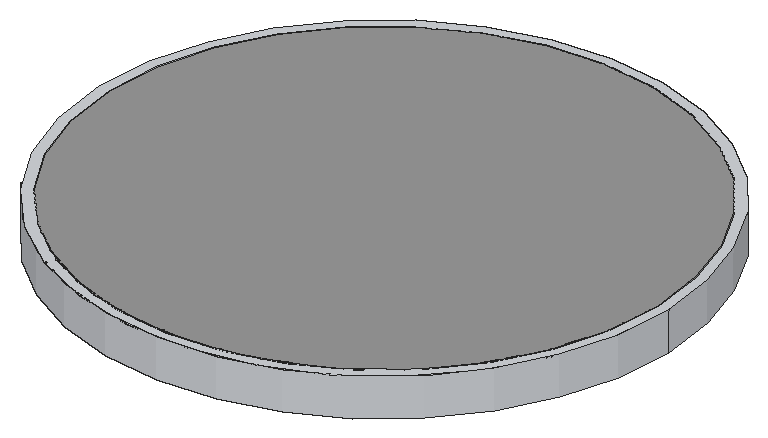
Revit family "2071274", category Lighting Fixtures, host Face, Revit 2018
Family settings
  Host = Face
  Round Connector Dimension = Use Diameter
  Part Type = Normal
  OmniClass Number = 23.80.70.00
  OmniClass Title = Lighting
  Cut with Voids When Loaded = No
  Light Source = Yes
  Shared = No
  Room Calculation Point = No
Parameters (values of type "2071274 COLOSSAL 900 940 OP DIR+H WHT DALI EM")
  iner diameter = 856 mm
  Weight = "n/a"
  Wattage Comments = ""
  Wattage = 30 W
  WarrantyStartDate [instance] = "n/a"
  WarrantyGuarantorParts = "n/a"
  WarrantyDurationUnit = "n/a"
  WarrantyDurationParts = ""
  WarrantyDescription = "http://www.sylvania-lighting.com"
  built-in parameter 1150110 = 1 (stored number, unit not read)
  Voltage = 230 V
  URL = "0.95"
  TypeName = "COLOSSAL 900mm 940 OPAL DIR+HAL WHITE DALI EM"
  Type Image = <None>
  Type Comments = "n/a"
  built-in parameter 1114217 = 1 (stored number, unit not read)
  Tilt Angle = -90.00°
  built-in parameter 1150109 = 1 (stored number, unit not read)
  built-in parameter 1150134 = (empty or 0)
  built-in parameter 1150113 = 1 (stored number, unit not read)
  SerialNumber [instance] = "n/a"
  Photometric Web File = "2071274.ies"
  Material_3_SYL = LED-Sylvania
  PowerFactor = 0
  PowerConsumption = "Lighting"
  NominalLength = 888 mm
  NominalHeight = 93 mm
  NominalDepth = 888 mm
  Name = "COLOSSAL 900mm 940 OPAL DIR+HAL WHITE DALI EM"
  ModelReference = Name  # "COLOSSAL 900mm 940 OPAL DIR+HAL WHITE DALI EM"
  ModelNumber = "2071274"
  Model = Name  # "COLOSSAL 900mm 940 OPAL DIR+HAL WHITE DALI EM"
  Material = "Feilo Sylvania"
  ManufacturerName = "120 lm/W"
  Manufacturer = ""
  LuminousEfficacy = ""
  built-in parameter 1150105 = 270.44 (stored number, unit not read)
  Lumens = 3398.4 lm
  LuminaireType = "0"
  built-in parameter 1150115 = 1 (stored number, unit not read)
  LightOutputRatio = "LED"
  built-in parameter 1150137 = (empty or 0)
  built-in parameter 1150139 = (empty or 0)
  LampsType = Lamp  # "n/a"
  LampNominalLuminous = "4000 K"
  LampMacAdamStep = "90"
  LampColourTemperature = "LED"
  LampColourRenderingIndex = "16500"
  built-in parameter 1150112 = 1 (stored number, unit not read)
  built-in parameter 1150114 = 1 (stored number, unit not read)
  Lamp = "n/a"
  Keynote = "n/a"
  InstallationDate [instance] = "n/a"
  InputVoltage = "0"
  InputNominalFrequency = "4000"
  built-in parameter 1150132 = (empty or 0)
  built-in parameter 1150102 = (empty or 0)
  built-in parameter 1150107 = 3000 (stored number, unit not read)
  built-in parameter 1150138 = (empty or 0)
  IngressProtection = "IfcLightFixtureType"
  ImpactProtectionIndex = "IfcLightFixtureType"
  built-in parameter 1150106 = 2.7044 (stored number, unit not read)
  IfcExportType = "IfcLightFixtureType"
  IfcExportAs = "Class I"
  Emit from Circle Diameter = 385 mm
  Emit Shape Visible in Rendering = no
  ElectricShockClassification = "120"
  built-in parameter 1150104 = 10.524 (stored number, unit not read)
  DocumentationLiterature = "http://www.sylvania-lighting.com/product/en-int/products/2071274"
  DimmingControlOptions = "n/a"
  Material_2_SYL = Polycarbonate_Sylvania_White
  Dimming Lamp Color Temperature Shift = <None>
  Description = "900mm diameter circular architectural luminaire, can be surface mounted or suspended. Powder coated aluminium housing (RAL9016) with polycarbonate opal diffuser. Direct/indirect (halo) light distribution, 9390lm luminuous flux, 78.5W system power, 120lm/W luminiaire efficacy. DALI dimmable. 3 hours integrated emergency. Colour rendering index Ra >90, 4000K Neutral White LED, chromaticity tolerance of 3-step MacAdam ellipse. IP40/IP20, IK03. 450mA drive current. Electrical protection Class1, 220-240V. Reported lifetime 66k hours L90B10."
  Default Elevation = 1219.2 mm
  CreatedOn = "23/03/2022"
  CreatedBy = "@sylvania-lighting.com"
  Cost = 0
  Color Filter = 16777215
  built-in parameter 1114216 [instance] = (empty or 0)
  ClassificationValue = "EF_70_80"
  ClassificationName = "Uniclass2015"
  Material_1_SYL = Polycarbonate_Sylvania_Opal
  BarCode [instance] = "n/a"
  built-in parameter 1114218 = 1 (stored number, unit not read)
  built-in parameter 1150133 = 10 (stored number, unit not read)
  AssetType = "Fixed"
  AssetIdentifier [instance] = "n/a"
  Assembly Code = "D5020200"
  Apparent Load = 78.5 VA
  Material_4_SYL = none
Reference planes
  plane 1 "Center (Front/Back)": y = 0
  plane 2: z = 0
  plane 3 "Center (Left/Right)": x = 0
  plane 4: z = 1.161
  plane 5: z = 16.161
  plane 6: x = -444
  plane 7: x = 444
  plane 8: y = 444
  plane 9: y = -444
  plane 10: y = 236
  plane 11: y = -236
  plane 12: x = 85
  plane 13: x = -85
  plane 14: through (0, 0, 1219.2) normal (0.5, 0.866, 0)
  plane 15: through (42.5, 73.612, 1219.2) normal (0.5, 0.866, 0)
  plane 16: through (-42.5, -73.612, 1219.2) normal (0.5, 0.866, 0)
  plane 17: through (0, 0, 1219.2) normal (0.5, -0.866, 0)
  plane 18: through (-42.5, 73.612, 1219.2) normal (0.5, -0.866, 0)
  plane 19: through (42.5, -73.612, 1219.2) normal (0.5, -0.866, 0)
  plane 20: z = 93
  plane 21: y = 428
  plane 22: y = -428
Forms (mm)
  Extrusion 1, solid, detail levels medium+fine
    sketch origin (0, 0, 0) x (0.866025, -0.5, 0) y (0.5, 0.866025, 0)
      loop
        circle (-50, 86.603) r 22
    from 0 to 2
  Extrusion 2, solid, detail levels medium+fine
    sketch origin (0, 0, 0) x (0.866025, -0.5, 0) y (0.5, 0.866025, 0)
      loop
        circle (100, 0) r 22
      loop
        circle (-50, -86.603) r 22
    from 0 to 2
  Blend 3, solid, detail levels medium+fine
    base sketch origin (0, 0, 0) x (1, 0, 0) y (0, 1, 0)
      loop
        line (-85, 236) -> (-246.882, -44.388) -> (-161.882, -191.612) -> (161.882, -191.612) -> (246.882, -44.388) -> (85, 236) -> (-85, 236)
    top sketch origin (0, 0, 0) x (1, 0, 0) y (0, 1, 0)
      loop
        line (-85, 283.076) -> (-287.651, -67.926) -> (-207.792, -218.119) -> (207.792, -218.119) -> (292.5, -71.401) -> (85, 283.076) -> (-85, 283.076)
    from 0 to 33.022
  Extrusion 4, solid, detail levels medium+fine
    sketch origin (0, 0, 0) x (1, 0, 0) y (0, 1, 0)
      loop
        circle (0, 0) r 444
    from 33.022 to 93
  Extrusion 5, void
    sketch origin (0, 0, 0) x (1, 0, 0) y (0, 1, 0)
      loop
        circle (0, 0) r 428
    from 96.588 to 37.292
  Extrusion 6, solid, material "Glass, White, High Luminance", detail levels fine
    sketch origin (0, 0, 0) x (1, 0, 0) y (0, 1, 0)
      loop
        circle (0, 0) r 428
    from 87.991 to 93
  Extrusion 7, solid, detail levels coarse
    sketch origin (0, 0, 0) x (1, 0, 0) y (0, 1, 0)
      loop
        line (-444, 444) -> (-444, -444) -> (444, -444) -> (444, 444) -> (-444, 444)
    from 0 to 93.648
Cuts and joins
  Extrusion 5 cuts Extrusion 1
  Extrusion 5 cuts Extrusion 2
  Extrusion 5 cuts Blend 3
  Extrusion 5 cuts Extrusion 4
Lines and regions (mm)
  model lines, detail levels medium+fine
    curve 1: circle (0, 0, 0) r 100 normal (0, 0, 1)
Dimensions and locks
  "NominalDepth": plane 8 to plane 9
  plane 8 to plane 1 "Center (Front/Back)" to plane 9 = 444 mm, 444 mm
  "NominalLength": plane 6 to plane 7
  equal spacing: plane 6, plane 3 "Center (Left/Right)", plane 7
  "NominalHeight": level to plane 20
  "iner diameter": plane 21 to plane 22
  equal spacing: plane 21, plane 1 "Center (Front/Back)", plane 22
  aligned and locked: plane 2 to host face
  aligned and locked: level to host face
Automatic sketch dimensions
  host sketch curve to host sketch curve = 2438.4 mm  (x2)
  Extrusion 1 sketch curve to plane 3 "Center (Left/Right)" = 0 mm
  Extrusion 1 sketch curve to plane 1 "Center (Front/Back)" = 100 mm
  plane 1 "Center (Front/Back)" to Extrusion 2 sketch curve = 50 mm
  Extrusion 2 sketch curve to plane 3 "Center (Left/Right)" = 86.603 mm
  Extrusion 2 sketch curve to Extrusion 2 sketch curve = 150 mm
  Extrusion 2 sketch curve to Extrusion 2 sketch curve = 86.603 mm
  plane 1 "Center (Front/Back)" to curve 1 = 0 mm
  curve 1 to plane 3 "Center (Left/Right)" = 0 mm
  plane 18 to Blend 3 sketch curve = 0 mm  (x2)
  plane 19 to Blend 3 sketch curve = 0 mm  (x2)
  Blend 3 sketch curve to plane 10 = 0 mm
  Blend 3 sketch curve to plane 13 = 0 mm  (x2)
  Blend 3 sketch curve to plane 12 = 0 mm  (x2)
  Blend 3 sketch curve to plane 16 = 0 mm  (x2)
  Blend 3 sketch curve to plane 15 = 0 mm
  plane 11 to Blend 3 sketch curve = 44.388 mm
  plane 1 "Center (Front/Back)" to Blend 3 sketch curve = 44.388 mm  (x2)
  plane 11 to Blend 3 sketch curve = 17.881 mm
  plane 1 "Center (Front/Back)" to Blend 3 sketch curve = 67.926 mm
  plane 1 "Center (Front/Back)" to Blend 3 sketch curve = 71.401 mm
  Blend 3 sketch curve to plane 7 = 151.5 mm
  plane 10 to Blend 3 sketch curve = 47.076 mm
  plane 1 "Center (Front/Back)" to Extrusion 4 sketch curve = 0 mm
  Extrusion 4 sketch curve to plane 3 "Center (Left/Right)" = 0 mm
  plane 1 "Center (Front/Back)" to Extrusion 5 sketch curve = 0 mm
  Extrusion 5 sketch curve to plane 3 "Center (Left/Right)" = 0 mm
  plane 1 "Center (Front/Back)" to Extrusion 6 sketch curve = 0 mm
  Extrusion 6 sketch curve to plane 3 "Center (Left/Right)" = 0 mm
  Extrusion 7 sketch curve to plane 6 = 0 mm
  Extrusion 7 sketch curve to plane 7 = 0 mm
  Extrusion 7 sketch curve to plane 9 = 0 mm
  Extrusion 7 sketch curve to plane 8 = 0 mm
  radius of Extrusion 1 sketch curve = 22 mm
  radius of Extrusion 2 sketch curve = 22 mm  (x2)
  radius of curve 1 = 100 mm
  radius of Extrusion 4 sketch curve = 444 mm
  radius of Extrusion 5 sketch curve = 428 mm
  radius of Extrusion 6 sketch curve = 428 mm
Connectors
  electrical at (0, 0, 0), driven by "Apparent Load", driven by "PowerFactor", driven by "Voltage"
    settings: index 1, voltage 230 V, apparent load 78.5 VA, apparent load phase1 0 VA, apparent load phase2 0 VA, apparent load phase3 0 VA, power factor 0, load classification "Lighting", number of poles 1, system type 30, power factor state 1, is connector primary yes, connector utility no, sub classification motor no, connector description ""
